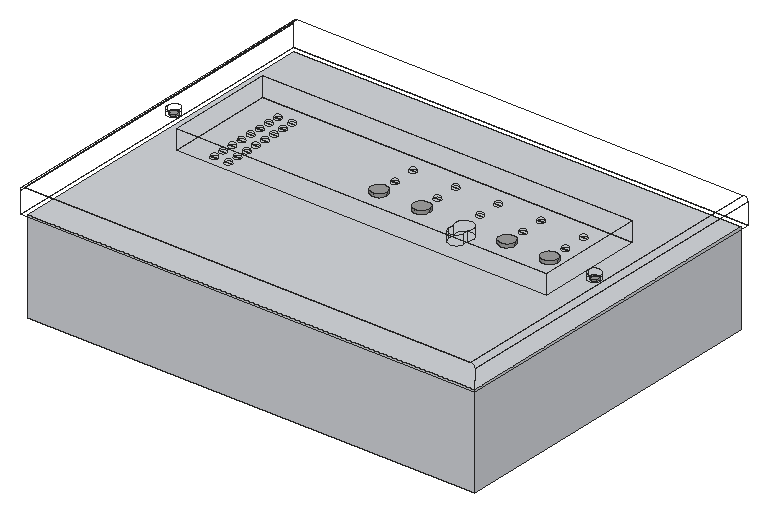
Revit family "Maxlogic Conventional Fire Alarm Panels small", category Fire Alarm Devices, host Face, Revit 2022
Family settings
  Host = Face
  Round Connector Dimension = Use Diameter
  Part Type = Normal
  OmniClass Number = 23.85.30.21
  OmniClass Title = Environmental Detection/Registration
  Cut with Voids When Loaded = No
  Maintain Annotation Orientation = Yes
  Shared = No
  Room Calculation Point = No
Parameters (values of type "Maxlogic Conventional Fire Alarm Panel, 8 Zone")
  Weight = "3450 gr"
  Weatherproof surface mounting back box = ""
  Warranty Duration Unit = "Year"
  Warranty Duration Parts = "2"
  Warranty Duration Labor = "2"
  Version = ""
  URL = "https://www.mavili.com.tr/en"
  Recessed mounting base = ""
  Public Works Pose Number = ""
  Protection Sign = "IP 30"
  Product Code = "ML-2228"
  Phone Number = "(+)90 216 466 45 05"
  Operatonal Voltage (default) = ""
  Operating voltage range = ""
  Operating temperature = "(-5°C) - (+40°C)"
  Nominal Depth = "90 mm"
  Nominal Wıdth = "320 mm"
  Nominal Height = "240 mm"
  Mounting surface = "Wall mount"
  Mounting height = ""
  Model = "Maxlogic"
  Manufacturer = "Mavili Elektronik Ticaret A.Ş."
  Installation Manual = "https://mavilielektronik.com/Revit/ML222X_enkk.pdf"
  Indicator output = ""
  Fax Number = "(+)90 216 466 45 10"
  External supply = "220 V AC"
  Email = "mavili@mavili.com.tr"
  Disclaimer = ""
  Device Adress Setup = ""
  Description = "Conventional Fire Alarm Panel, 8 Zone"
  Default Elevation = 0 mm
  Current consumption = ""
  Cost unıt = ""
  Cost = 0
  Compatible sockets = ""
  Color = "White"
  Code Performance = "EN 54-2 / EN 54-4"
  Main Material = "Metal Grey"
  Secondary Material = "White Plastic ABS"
  Battery = "2 X (12V DC 2,1 Ah )"
  Address line 1 = "Şerifali Mahallesi Kutup Sokak No:27/1-2-4 Ümraniye TR-34775 İSTANBUL"
  4 led = yes
  2 led = yes
Types (4, lengths in mm): name | Product Code | Description | 4 led | 2 led
  (no name) | "ML-2228" | "Conventional Fire Alarm Panel, 8 Zone" | yes | yes
  Maxlogic Conventional Fire Alarm Panel, 2 Zone | "ML-2222" | "Conventional Fire Alarm Panel, 2 Zone" | no | no
  Maxlogic Conventional Fire Alarm Panel, 4 Zone | "ML-2224" | "Conventional Fire Alarm Panel, 4 Zone" | no | yes
  Maxlogic Conventional Fire Alarm Panel, 8 Zone | "ML-2228" | "Conventional Fire Alarm Panel, 8 Zone" | yes | yes
Reference planes
  plane 1 "Center (Front/Back)": y = 0
  plane 2: z = 0
  plane 3 "Center (Left/Right)": x = 0
Forms (mm)
  Extrusion 1, solid
    sketch origin (-157, 122, 0) x (0, 0, 1) y (0, 1, 0)
      loop
        line (65, -234) -> (65, 0) -> (0, 0) -> (0, -234) -> (65, -234)
    from -314 to 0
  Extrusion 2, solid, material "Mavili elektronik 1.renk"
    sketch origin (0, -113, -1508.98) x (0, 0, 1) y (1, 0, 0)
      loop
        line (1573.98, 160) -> (1573.98, -160) -> (1589.247, -160)
        arc (1589.247, -160) -> (1591.318, -159.184) -> (1592.276, -157.175) r 3.037
        arc (1592.276, -157.175) -> (1600.022, 0) -> (1592.276, 157.175) r 1598.503
        arc (1592.276, 157.175) -> (1591.318, 159.184) -> (1589.247, 160) r 3.037
        line (1589.247, 160) -> (1573.98, 160)
    from -2 to 238
  Extrusion 3, void
    sketch origin (160, -113.521, 62.996) x (0, 0, -1) y (0, -1, 0)
      loop
        line (-21.622, -174.473) -> (-21.622, -98.521) -> (-30.016, -98.521) -> (-30.016, -174.473) -> (-21.622, -174.473)
    from 30 to 290
  Extrusion 4, void
    sketch origin (160, 64.059, 84.618) x (1, 0, 0) y (0, -1, 0)
      loop
        line (-290, 79.059) -> (-290, 3.107) -> (-30, 3.107) -> (-30, 79.059) -> (-290, 79.059)
    from 12.691 to -8.393
  Revolve 5, solid, material "Glass"
    sketch origin (120.882, -201.005, 71.927) x (1, 0, 0) y (0, 1, 0)
      loop
        line (-227.382, 249) -> (-232.382, 249)
        arc (-232.382, 249) -> (-229.882, 246.5) -> (-227.382, 249) r 2.5
      axis (-232.382, 249) -> (-227.382, 249)
    angle from 0 to -180
  Revolve 6, solid, material "Glass"
    sketch origin (130.882, -201.005, 71.927) x (1, 0, 0) y (0, 1, 0)
      loop
        line (-227.382, 249) -> (-232.382, 249)
        arc (-232.382, 249) -> (-229.882, 246.5) -> (-227.382, 249) r 2.5
      axis (-232.382, 249) -> (-227.382, 249)
    angle from 0 to -180
  Revolve 7, solid, material "Glass", visible <- "2 led"
    sketch origin (120.882, -217.005, 71.927) x (1, 0, 0) y (0, 1, 0)
      loop
        line (-227.382, 249) -> (-232.382, 249)
        arc (-232.382, 249) -> (-229.882, 246.5) -> (-227.382, 249) r 2.5
      axis (-232.382, 249) -> (-227.382, 249)
    angle from 0 to -180
  Revolve 8, solid, material "Glass", visible <- "2 led"
    sketch origin (130.882, -217.005, 71.927) x (1, 0, 0) y (0, 1, 0)
      loop
        line (-227.382, 249) -> (-232.382, 249)
        arc (-232.382, 249) -> (-229.882, 246.5) -> (-227.382, 249) r 2.5
      axis (-232.382, 249) -> (-227.382, 249)
    angle from 0 to -180
  Revolve 9, solid, material "Glass", visible <- "2 led"
    sketch origin (120.882, -225.005, 71.927) x (1, 0, 0) y (0, 1, 0)
      loop
        line (-227.382, 249) -> (-232.382, 249)
        arc (-232.382, 249) -> (-229.882, 246.5) -> (-227.382, 249) r 2.5
      axis (-232.382, 249) -> (-227.382, 249)
    angle from 0 to -180
  Revolve 10, solid, material "Glass", visible <- "2 led"
    sketch origin (130.882, -225.005, 71.927) x (1, 0, 0) y (0, 1, 0)
      loop
        line (-227.382, 249) -> (-232.382, 249)
        arc (-232.382, 249) -> (-229.882, 246.5) -> (-227.382, 249) r 2.5
      axis (-232.382, 249) -> (-227.382, 249)
    angle from 0 to -180
  Revolve 11, solid, material "Glass", visible <- "4 led"
    sketch origin (120.882, -232.995, 71.927) x (1, 0, 0) y (0, 1, 0)
      loop
        line (-227.382, 249) -> (-232.382, 249)
        arc (-232.382, 249) -> (-229.882, 246.5) -> (-227.382, 249) r 2.5
      axis (-232.382, 249) -> (-227.382, 249)
    angle from 0 to -180
  Revolve 12, solid, material "Glass", visible <- "4 led"
    sketch origin (130.882, -232.995, 71.927) x (1, 0, 0) y (0, 1, 0)
      loop
        line (-227.382, 249) -> (-232.382, 249)
        arc (-232.382, 249) -> (-229.882, 246.5) -> (-227.382, 249) r 2.5
      axis (-232.382, 249) -> (-227.382, 249)
    angle from 0 to -180
  Revolve 13, solid, material "Glass", visible <- "4 led"
    sketch origin (120.882, -240.995, 71.927) x (1, 0, 0) y (0, 1, 0)
      loop
        line (-227.382, 249) -> (-232.382, 249)
        arc (-232.382, 249) -> (-229.882, 246.5) -> (-227.382, 249) r 2.5
      axis (-232.382, 249) -> (-227.382, 249)
    angle from 0 to -180
  Revolve 14, solid, material "Glass", visible <- "4 led"
    sketch origin (130.882, -240.995, 71.927) x (1, 0, 0) y (0, 1, 0)
      loop
        line (-227.382, 249) -> (-232.382, 249)
        arc (-232.382, 249) -> (-229.882, 246.5) -> (-227.382, 249) r 2.5
      axis (-232.382, 249) -> (-227.382, 249)
    angle from 0 to -180
  Revolve 15, solid, material "Glass", visible <- "4 led"
    sketch origin (120.882, -249.005, 71.927) x (1, 0, 0) y (0, 1, 0)
      loop
        line (-227.382, 249) -> (-232.382, 249)
        arc (-232.382, 249) -> (-229.882, 246.5) -> (-227.382, 249) r 2.5
      axis (-232.382, 249) -> (-227.382, 249)
    angle from 0 to -180
  Revolve 16, solid, material "Glass", visible <- "4 led"
    sketch origin (130.882, -249.005, 71.927) x (1, 0, 0) y (0, 1, 0)
      loop
        line (-227.382, 249) -> (-232.382, 249)
        arc (-232.382, 249) -> (-229.882, 246.5) -> (-227.382, 249) r 2.5
      axis (-232.382, 249) -> (-227.382, 249)
    angle from 0 to -180
  Revolve 17, solid, material "Glass", visible <- "4 led"
    sketch origin (120.882, -256.995, 71.927) x (1, 0, 0) y (0, 1, 0)
      loop
        line (-227.382, 249) -> (-232.382, 249)
        arc (-232.382, 249) -> (-229.882, 246.5) -> (-227.382, 249) r 2.5
      axis (-232.382, 249) -> (-227.382, 249)
    angle from 0 to -180
  Revolve 18, solid, material "Glass", visible <- "4 led"
    sketch origin (130.882, -256.995, 71.927) x (1, 0, 0) y (0, 1, 0)
      loop
        line (-227.382, 249) -> (-232.382, 249)
        arc (-232.382, 249) -> (-229.882, 246.5) -> (-227.382, 249) r 2.5
      axis (-232.382, 249) -> (-227.382, 249)
    angle from 0 to -180
  Revolve 19, solid, material "Glass"
    sketch origin (215.882, -201.005, 71.927) x (1, 0, 0) y (0, 1, 0)
      loop
        line (-227.382, 249) -> (-232.382, 249)
        arc (-232.382, 249) -> (-229.882, 246.5) -> (-227.382, 249) r 2.5
      axis (-232.382, 249) -> (-227.382, 249)
    angle from 0 to -180
  Revolve 20, solid, material "Glass"
    sketch origin (215.882, -216.995, 71.927) x (1, 0, 0) y (0, 1, 0)
      loop
        line (-227.382, 249) -> (-232.382, 249)
        arc (-232.382, 249) -> (-229.882, 246.5) -> (-227.382, 249) r 2.5
      axis (-232.382, 249) -> (-227.382, 249)
    angle from 0 to -180
  Revolve 21, solid, material "Glass"
    sketch origin (245.882, -201, 71.927) x (1, 0, 0) y (0, 1, 0)
      loop
        line (-227.382, 249) -> (-232.382, 249)
        arc (-232.382, 249) -> (-229.882, 246.5) -> (-227.382, 249) r 2.5
      axis (-232.382, 249) -> (-227.382, 249)
    angle from 0 to -180
  Revolve 22, solid, material "Glass"
    sketch origin (245.882, -217, 71.927) x (1, 0, 0) y (0, 1, 0)
      loop
        line (-227.382, 249) -> (-232.382, 249)
        arc (-232.382, 249) -> (-229.882, 246.5) -> (-227.382, 249) r 2.5
      axis (-232.382, 249) -> (-227.382, 249)
    angle from 0 to -180
  Revolve 23, solid, material "Glass"
    sketch origin (275.882, -201, 71.927) x (1, 0, 0) y (0, 1, 0)
      loop
        line (-227.382, 249) -> (-232.382, 249)
        arc (-232.382, 249) -> (-229.882, 246.5) -> (-227.382, 249) r 2.5
      axis (-232.382, 249) -> (-227.382, 249)
    angle from 0 to -180
  Revolve 24, solid, material "Glass"
    sketch origin (275.882, -217, 71.927) x (1, 0, 0) y (0, 1, 0)
      loop
        line (-227.382, 249) -> (-232.382, 249)
        arc (-232.382, 249) -> (-229.882, 246.5) -> (-227.382, 249) r 2.5
      axis (-232.382, 249) -> (-227.382, 249)
    angle from 0 to -180
  Revolve 25, solid, material "Glass"
    sketch origin (305.882, -201, 71.927) x (1, 0, 0) y (0, 1, 0)
      loop
        line (-227.382, 249) -> (-232.382, 249)
        arc (-232.382, 249) -> (-229.882, 246.5) -> (-227.382, 249) r 2.5
      axis (-232.382, 249) -> (-227.382, 249)
    angle from 0 to -180
  Revolve 26, solid, material "Glass"
    sketch origin (305.882, -217, 71.927) x (1, 0, 0) y (0, 1, 0)
      loop
        line (-227.382, 249) -> (-232.382, 249)
        arc (-232.382, 249) -> (-229.882, 246.5) -> (-227.382, 249) r 2.5
      axis (-232.382, 249) -> (-227.382, 249)
    angle from 0 to -180
  Revolve 27, solid, material "Glass"
    sketch origin (335.882, -201, 71.927) x (1, 0, 0) y (0, 1, 0)
      loop
        line (-227.382, 249) -> (-232.382, 249)
        arc (-232.382, 249) -> (-229.882, 246.5) -> (-227.382, 249) r 2.5
      axis (-232.382, 249) -> (-227.382, 249)
    angle from 0 to -180
  Revolve 28, solid, material "Glass"
    sketch origin (335.882, -217, 71.927) x (1, 0, 0) y (0, 1, 0)
      loop
        line (-227.382, 249) -> (-232.382, 249)
        arc (-232.382, 249) -> (-229.882, 246.5) -> (-227.382, 249) r 2.5
      axis (-232.382, 249) -> (-227.382, 249)
    angle from 0 to -180
  Extrusion 29, void
    sketch origin (160, 64.059, 84.618) x (1, 0, 0) y (0, -1, 0)
      loop
        circle (-308, 59.059) r 4.5
    from -1.047 to 4.618
  Extrusion 30, void
    sketch origin (456, 64.059, 84.618) x (1, 0, 0) y (0, -1, 0)
      loop
        circle (-308, 59.059) r 4.5
    from -1.047 to 4.618
  Extrusion 31, solid, material "siyah"
    sketch origin (160, 64.059, 80.03) x (0, -1, 0) y (1, 0, 0)
      loop
        line (60.559, -305.402) -> (57.559, -305.402) -> (56.059, -308) -> (57.559, -310.598) -> (60.559, -310.598) -> (62.059, -308) -> (60.559, -305.402)
    from 0 to 1
  Extrusion 32, solid, material "siyah"
    sketch origin (456, 64.059, 80.03) x (0, -1, 0) y (1, 0, 0)
      loop
        line (60.559, -305.402) -> (57.559, -305.402) -> (56.059, -308) -> (57.559, -310.598) -> (60.559, -310.598) -> (62.059, -308) -> (60.559, -305.402)
    from 0 to 1
  Extrusion 33, solid, material "siyah"
    sketch origin (189.382, -159.5, 72) x (1, 0, 0) y (0, 1, 0)
      loop
        circle (-83.382, 177.5) r 5.5
    from 0 to 2
  Extrusion 34, solid, material "siyah"
    sketch origin (159.382, -159.5, 72) x (1, 0, 0) y (0, 1, 0)
      loop
        circle (-83.382, 177.5) r 5.5
    from 0 to 2
  Extrusion 35, solid, material "siyah"
    sketch origin (99.382, -159.5, 72) x (1, 0, 0) y (0, 1, 0)
      loop
        circle (-83.382, 177.5) r 5.5
    from 0 to 2
  Extrusion 36, solid, material "siyah"
    sketch origin (69.382, -159.5, 72) x (1, 0, 0) y (0, 1, 0)
      loop
        circle (-83.382, 177.5) r 5.5
    from 0 to 2
  Extrusion 37, void
    sketch origin (160, 64.059, 84.618) x (1, 0, 0) y (0, -1, 0)
      loop
        line (-110.85, 48.761) -> (-110.85, 53.059)
        arc (-110.85, 53.059) -> (-114, 56.209) -> (-117.15, 53.059) r 3.15
        line (-117.15, 53.059) -> (-117.15, 48.761)
        arc (-117.15, 48.761) -> (-114, 41.909) -> (-110.85, 48.761) r 4.15
    from 0 to 22.618
  Extrusion 38, void
    sketch origin (160, 64.059, 84.618) x (1, 0, 0) y (0, -1, 0)
      loop
        line (-108.85, 49.421) -> (-108.85, 53.059)
        arc (-108.85, 53.059) -> (-114, 58.209) -> (-119.15, 53.059) r 5.15
        line (-119.15, 53.059) -> (-119.15, 49.421)
        arc (-119.15, 49.421) -> (-114, 39.909) -> (-108.85, 49.421) r 6.15
    from 0 to 22.618
  Revolve 39, solid, material "Glass"
    sketch origin (120.882, -209.005, 71.927) x (1, 0, 0) y (0, 1, 0)
      loop
        line (-227.382, 249) -> (-232.382, 249)
        arc (-232.382, 249) -> (-229.882, 246.5) -> (-227.382, 249) r 2.5
      axis (-232.382, 249) -> (-227.382, 249)
    angle from 0 to -180
  Revolve 40, solid, material "Glass"
    sketch origin (130.882, -209.005, 71.927) x (1, 0, 0) y (0, 1, 0)
      loop
        line (-227.382, 249) -> (-232.382, 249)
        arc (-232.382, 249) -> (-229.882, 246.5) -> (-227.382, 249) r 2.5
      axis (-232.382, 249) -> (-227.382, 249)
    angle from 0 to -180
Cuts and joins
  Extrusion 3, Extrusion 4, Extrusion 29, Extrusion 30, Extrusion 37, Extrusion 38 cuts Extrusion 2
Dimensions and locks
  aligned and locked: plane 2 to host face
  aligned and locked: level to host face
